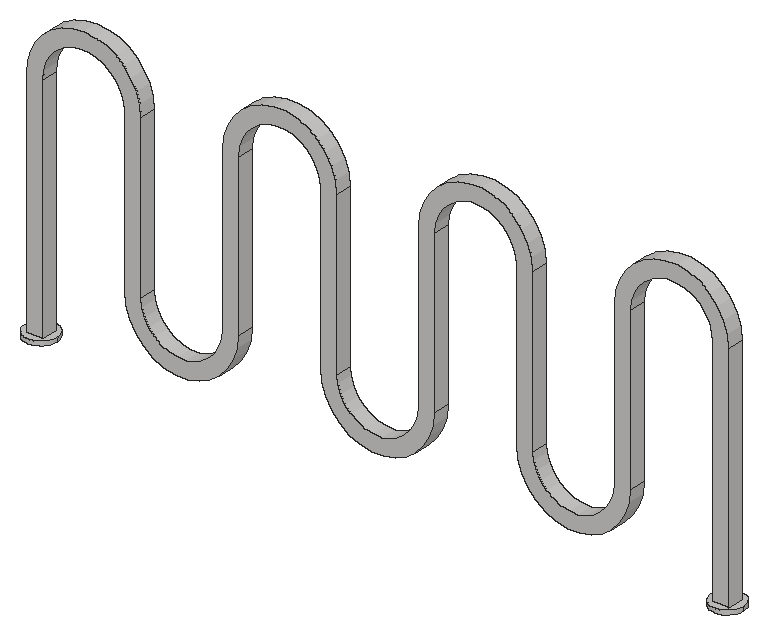
Revit family "Bicycle-Racks_BR-Square_Huntco_BRS9", category Site, host Face, Revit 2026
Family settings
  Host = Face
  Round Connector Dimension = Use Diameter
  Part Type = Normal
  Cut with Voids When Loaded = No
  Shared = No
Parameters
  holediameter = if(Flange Mounted, 0' 0 1/2", if(Freestanding, 0' 0 1/32", 0' 6"))  # 0' - 0 1/2"
  holedepth = if(Flange Mounted, 0' 4", if(Freestanding, 0' 0 1/32", 1' 0"))  # 0' - 4"
  flangevisible = not(Embedded Mounted)  # yes
  flangeheight = if(Exposed Flange, 0' 0 1/2", 0' 1 1/4")  # 0' - 0 1/2"
  extralength = if(or(Freestanding, Flange Mounted), 0' 0", 0' 11")  # 0' - 0"
  Warranty Duration (Years) = 0
  Unit Width = 7' - 2 97/256"
  Unit Weight = 0
  Unit Height = 3' - 0"
  URL = "http://www.huntco.com/"
  Test Data = ""
  Specification = "http://www.arcat.com/sdspecs/htm/02871hco.htm"
  SpecWizard = ""
  Send Message = "http://www.arcat.com/users.pl?action=UserEmail&company=Huntco+Supply+LLC&coid=39482&rep=133&fax=503-274-2055&mf="
  Sales Information = ""
  Revision = "R1_11_2012"
  Product Properties = ""
  Product Data = "http://www.arcat.com/arcatcos/cos39/arc39482.html"
  Pipe Diameter = 0' - 2"
  Model = "As Specified"
  Material Finish = Metal - Steel - Huntco - Stainless
  Manufacturer Website = "http://www.huntco.com/"
  Manufacturer Phone - Toll Free = "800-547-5909"
  Manufacturer Phone = "503-224-8700"
  Manufacturer Fax = "503-274-2055"
  Manufacturer Address = "Huntco Supply LLC P. O. Box 10385 Portland, OR 97296"
  Manufacturer = "Huntco Supply LLC"
  Maintenance Schedule (Months) = 0
  Keynote = "02871"
  Installation-Fabrication = ""
  Installation Phase = ""
  Green Building-LEED = "http://www.arcat.com/green/clients/leed_data_39482.html"
  Freestanding = yes
  Embedded Mounted = not(or(Freestanding, Flange Mounted))  # no
  Flange Mounted = yes
  Exposed Flange = yes
  Expected Lifespan (Years) = 0
  Drawn By = "Sumex Design, Inc. / Robert S. Weygant, CSI, CDT, SCIP"
  Description = "Huntco Product as Specified"
  Default Elevation = 4' - 0"
  Covered Flange = not(Exposed Flange)  # no
  Copyright = "©Arcat Inc."
  Construction Details = "http://www.arcat.com/details/huntcosu/huntcosu.html?coid=39482"
  Capacity = "Bike Capacity as Specified"
  Building Codes = ""
  Assembly Code = "G2040500"
Reference planes (in)
  plane 1 "Center (Front/Back)": y = 0
  plane 2: z = 0
  plane 3 "Center (Left/Right)": x = 0
  plane 4: y = 1
  plane 5: y = -1
  plane 6: x = -43.18945
  plane 7: x = 43.18945
  plane 8: z = 36
  plane 9: x = -42.18945
  plane 10: x = 42.18945
  plane 11: z = 0.5
  plane 12: z = 0
  plane 13: z = -4
Forms (in)
  Extrusion 1, solid, material "Metal - Steel - Huntco - Stainless" <- "Material Finish", visible <- "flangevisible"
    sketch origin (0, 0, 0) x (1, 0, 0) y (0, 1, 0)
      loop
        circle (-42.18945, 0) r 2
      loop
        circle (42.18945, 0) r 2
    from 0 to 0.5
  Sweep 2, solid, material "Metal - Steel - Huntco - Stainless" <- "Material Finish"
    path origin (0, 0, 0) x (1, 0, 0) y (0, 0, 1)
      loop
        line (-42.18945, 0) -> (-42.18945, 28.97294)
        arc (-42.18945, 28.97294) -> (-36.16239, 35) -> (-30.13532, 28.97294) r 6.02706
        line (-30.13532, 28.97294) -> (-30.13532, 9.19336)
        arc (-30.13532, 9.19336) -> (-24.10826, 3.16629) -> (-18.08119, 9.19336) r 6.02706
        line (-18.08119, 9.19336) -> (-18.08119, 28.97294)
        arc (-18.08119, 28.97294) -> (-12.05413, 35) -> (-6.02706, 28.97294) r 6.02706
        line (-6.02706, 28.97294) -> (-6.02706, 9.19336)
        arc (-6.02706, 9.19336) -> (0, 3.16629) -> (6.02706, 9.19336) r 6.02706
        line (6.02706, 9.19336) -> (6.02706, 28.97294)
        arc (6.02706, 28.97294) -> (12.05413, 35) -> (18.08119, 28.97294) r 6.02706
        line (18.08119, 28.97294) -> (18.08119, 9.19336)
        arc (18.08119, 9.19336) -> (24.10826, 3.16629) -> (30.13532, 9.19336) r 6.02706
        line (30.13532, 9.19336) -> (30.13532, 28.97294)
        arc (30.13532, 28.97294) -> (36.16239, 35) -> (42.18945, 28.97294) r 6.02706
        line (42.18945, 28.97294) -> (42.18945, 0)
    profile origin (-42.18945, 0, 14.48647) x (-1, 0, 0) y (0, -1, 0)
      loop
        line (1, -1) -> (1, 1) -> (-1, 1) -> (-1, -1) -> (1, -1)
  Extrusion 3, void
    sketch origin (0, 0, 0) x (1, 0, 0) y (0, 1, 0)
      loop
        circle (-42.18945, 0) r 0.25
      loop
        circle (42.18945, 0) r 0.25
    from -4 to 0.87558
Dimensions and locks (in)
  "Unit Height": plane 8 to level
  equal spacing: plane 4, plane 1 "Center (Front/Back)", plane 5
  "Pipe Diameter": plane 4 to plane 5
  equal spacing: plane 7, plane 3 "Center (Left/Right)", plane 6
  "Unit Width": plane 7 to plane 6
  locked: plane 9 to plane 6 at 1
  locked: plane 7 to plane 10 at 1
  equal spacing: plane 10, Sweep 2 sketch curve, Sweep 2 sketch curve, Sweep 2 sketch curve, Sweep 2 sketch curve, Sweep 2 sketch curve, Sweep 2 sketch curve, plane 9
  locked: plane 8 to Sweep 2 sketch curve at 1  (x4)
  locked: plane 6 to Extrusion 1 sketch curve at 1
  locked: Extrusion 1 sketch curve to plane 7 at 1
  "extralength": host face to plane 12
  "holedepth": host face to plane 13
  "flangeheight": plane 11 to host face
  locked: Sweep 2 sketch curve to host face at 9.19336  (x3)
  locked: plane 6 to Extrusion 3 sketch curve at 1
  locked: Extrusion 3 sketch curve to plane 7 at 1
  "holediameter": Extrusion 3 sketch curve to Extrusion 3 sketch curve  (x2)
  aligned and locked: plane 2 to host face
  aligned and locked: level to host face
  aligned and locked: plane 9 to Sweep 2 sketch curve
  aligned and locked: plane 10 to Sweep 2 sketch curve
  aligned and locked: plane 11 to Extrusion 1
  aligned and locked: plane 12 to Sweep 2 sketch curve  (x2)
  aligned and locked: Extrusion 3 to plane 13
Automatic sketch dimensions
  host sketch curve to host sketch curve = 8' - 0"  (x2)
  Extrusion 1 sketch curve to plane 1 "Center (Front/Back)" = 0' - 0"  (x2)
  profile plane to Sweep 2 sketch curve = 0' - 1"
  Sweep 2 sketch curve to Sweep 2 sketch curve = 0' - 2"  (x2)
  Sweep 2 sketch curve to plane 1 "Center (Front/Back)" = 0' - 1"
  Extrusion 3 sketch curve to plane 1 "Center (Front/Back)" = 0' - 0"  (x2)
  radius of Extrusion 1 sketch curve = 0' - 2"  (x2)
